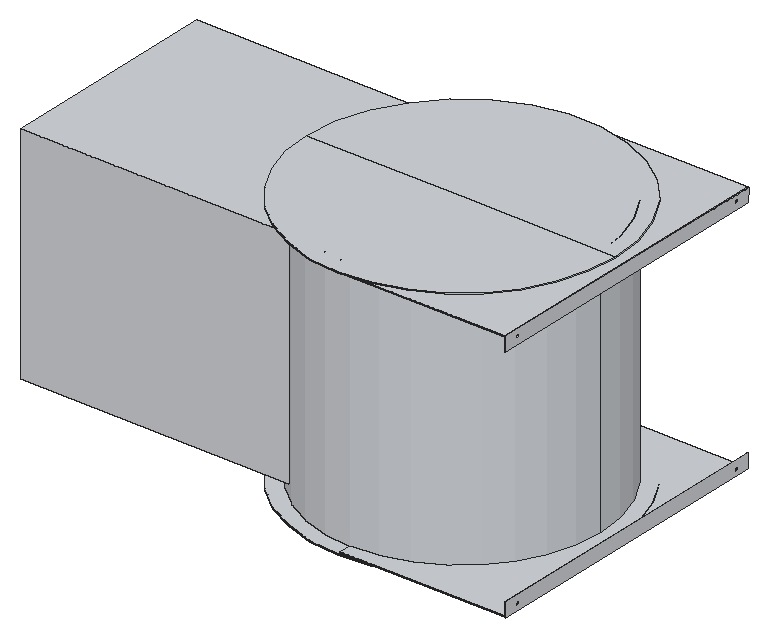
Revit family "AFB-H_Vertical_Wall_Mount", category Mechanical Equipment, Revit 2019
Family settings
  Round Connector Dimension = Use Radius
  Part Type = Normal
  Work Plane-Based = No
  Always vertical = Yes
  Cut with Voids When Loaded = No
  Shared = No
  Room Calculation Point = No
Parameters (values of type "36_AFB-H_VERT_WALL")
  Unit Weight [instance] = ""
  P/2 = P / 2  # 0' - 0 9/32"
  P = 0' - 0 9/16"  # constant formula
  N = 1' - 6 5/16"
  ModelID [instance] = ""
  M/2 = M / 2  # 1' - 8 5/16"
  M = 3' - 4 5/8"
  L = 0' - 0 15/16"
  K/2 = K / 2  # 1' - 4 1/16"
  K = 2' - 8 1/8"
  J-.125" = J - 0' 0 1/8"  # 1' - 10"
  J-(C/2) = J - (C / 2)  # 0' - 2 5/8"
  J = 1' - 10 1/8"
  H-(A/2) = H - (A / 2)  # 2' - 4 3/4"
  H+J = H + J  # 5' - 9 3/8"
  H = 3' - 11 1/4"
  Sones [instance] = ""
  Motor RPM [instance] = ""
  Motor Enclosure [instance] = ""
  LwA [instance] = ""
  G = 6' - 0"
  Fan RPM [instance] = ""
  F/2 = F / 2  # 0' - 0 7/32"
  F = 0' - 0 7/16"
  E/2 = E / 2  # 1' - 5"
  E-2" = -(E - 0' 2")  # -2' - 8"
  E = 2' - 10"
  C/2+J = C / 2 + J  # 3' - 5 5/8"
  C/2 = C / 2  # 1' - 7 1/2"
  C = 3' - 3"
  B/2 = B / 2  # 1' - 8 11/16"
  B = 3' - 5 3/8"
  Accessories [instance] = ""
  A/3 = A / 2.5  # 1' - 2.8"
  A/2 = A / 2  # 1' - 6 1/2"
  A = 3' - 1"
  60 = 60.00°  # constant formula
  30 = 30.00°  # constant formula
  3" = 0' - 3"  # constant formula
  Brake Hp [instance] = ""
  4" = 0' - 4"  # constant formula
  2L = 2 * L  # 0' - 1 7/8"
  2' = 2' - 0"
  2" = 0' - 2"  # constant formula
  1" = 0' - 1"  # constant formula
  0 = 0' - 0"  # constant formula
  Voltage [instance] = 0 V
  URL = "www.lorencook.com"
  Type Comments = "Tube Axial Fan Vertical Wall Mount High Temperature Construction Belt Drive Arrangement 9"  # constant formula
  Static Pressure [instance] = 0.00 in-wg
  Power [instance] = Voltage * Motor FLA * sqrt(if(Phase = 3, 3, 1))  # 0 VA
  Phase [instance] = 0
  Number of Poles [instance] = 1
  Motor Hp [instance] = "0"
  Motor FLA [instance] = 0 A
  Model = "AFB-H"  # constant formula
  Manufacturer = "Loren Cook Company"
  CFM [instance] = 0 CFM
  1.5 = 0' - 1 1/2"  # constant formula
  ONE EIGTH = 0' - 0 1/8"  # constant formula
  -E/2 = -E / 2  # -1' - 5"
  -(E-.25")/2 = -(E - 0' 0 1/4") / 2  # -1' - 4 7/8"
  (H-(A/2))/2 = (H - (A / 2)) / 2  # 1' - 2 3/8"
  (E-.25")/2 = (E - 0' 0 1/4") / 2  # 1' - 4 7/8"
  (A+.25")/2 = (A + 0' 0 1/4") / 2  # 1' - 6 5/8"
Types (10): name | N | M/2 | M | K/2 | K | J-.125" | J-(C/2) | J | H-(A/2) | H+J | H | F/2 | F | E/2 | E-2" | E | C/2+J | C/2 | C | B/2 | B | A/3 | A/2 | A | -E/2 | -(E-.25")/2 | (H-(A/2))/2 | (E-.25")/2 | (A+.25")/2
  (no name) | 1' - 6 5/16" | 1' - 8 5/16" | 3' - 4 5/8" | 1' - 4 1/16" | 2' - 8 1/8" | 1' - 10" | 0' - 2 5/8" | 1' - 10 1/8" | 2' - 4 3/4" | 5' - 9 3/8" | 3' - 11 1/4" | 0' - 0 7/32" | 0' - 0 7/16" | 1' - 5" | -2' - 8" | 2' - 10" | 3' - 5 5/8" | 1' - 7 1/2" | 3' - 3" | 1' - 8 11/16" | 3' - 5 3/8" | 1' - 2.8" | 1' - 6 1/2" | 3' - 1" | -1' - 5" | -1' - 4 7/8" | 1' - 2 3/8" | 1' - 4 7/8" | 1' - 6 5/8"
  12_AFB-H_VERT_WALL | 0' - 6" | 0' - 8" | 1' - 4" | 0' - 10 1/16" | 1' - 8 1/8" | 0' - 9 5/8" | 0' - 2 7/16" | 0' - 9 3/4" | 1' - 6 3/16" | 2' - 10 3/8" | 2' - 0 5/8" | 0' - 0 5/32" | 0' - 0 5/16" | 0' - 11" | -1' - 8" | 1' - 10" | 1' - 5 1/16" | 0' - 7 5/16" | 1' - 2 5/8" | 0' - 7 13/16" | 1' - 3 5/8" | 0' - 5.15" | 0' - 6 7/16" | 1' - 0 7/8" | -0' - 11" | -0' - 10 7/8" | 0' - 9 3/32" | 0' - 10 7/8" | 0' - 6 9/16"
  16_AFB-H_VERT_WALL | 0' - 8" | 0' - 10" | 1' - 8" | 0' - 11 9/16" | 1' - 11 1/8" | 0' - 11 5/8" | 0' - 2 7/16" | 0' - 11 3/4" | 1' - 9 11/16" | 3' - 5 7/8" | 2' - 6 1/8" | 0' - 0 5/32" | 0' - 0 5/16" | 1' - 0 1/2" | -1' - 11" | 2' - 1" | 1' - 9 1/16" | 0' - 9 5/16" | 1' - 6 5/8" | 0' - 9 13/16" | 1' - 7 5/8" | 0' - 6 3/4" | 0' - 8 7/16" | 1' - 4 7/8" | -1' - 0 1/2" | -1' - 0 3/8" | 0' - 10 27/32" | 1' - 0 3/8" | 0' - 8 9/16"
  24_AFB-H_VERT_WALL | 1' - 0 1/4" | 1' - 2 1/4" | 2' - 4 1/2" | 1' - 2 9/16" | 2' - 5 1/8" | 1' - 3 7/8" | 0' - 2 9/16" | 1' - 4" | 2' - 3 7/16" | 4' - 7 7/8" | 3' - 3 7/8" | 0' - 0 7/32" | 0' - 0 7/16" | 1' - 3 1/2" | -2' - 5" | 2' - 7" | 2' - 5 7/16" | 1' - 1 7/16" | 2' - 2 7/8" | 1' - 2 9/16" | 2' - 5 1/8" | 0' - 9.95" | 1' - 0 7/16" | 2' - 0 7/8" | -1' - 3 1/2" | -1' - 3 3/8" | 1' - 1 23/32" | 1' - 3 3/8" | 1' - 0 9/16"
  28_AFB-H_VERT_WALL | 1' - 2 1/4" | 1' - 4 1/4" | 2' - 8 1/2" | 1' - 2 9/16" | 2' - 5 1/8" | 1' - 5 7/8" | 0' - 2 9/16" | 1' - 6" | 2' - 3 7/16" | 4' - 11 7/8" | 3' - 5 7/8" | 0' - 0 7/32" | 0' - 0 7/16" | 1' - 3 1/2" | -2' - 5" | 2' - 7" | 2' - 9 7/16" | 1' - 3 7/16" | 2' - 6 7/8" | 1' - 4 9/16" | 2' - 9 1/8" | 0' - 11.55" | 1' - 2 7/16" | 2' - 4 7/8" | -1' - 3 1/2" | -1' - 3 3/8" | 1' - 1 23/32" | 1' - 3 3/8" | 1' - 2 9/16"
  32_AFB-H_VERT_WALL | 1' - 4 5/16" | 1' - 6 5/16" | 3' - 0 5/8" | 1' - 4 1/16" | 2' - 8 1/8" | 1' - 8" | 0' - 2 5/8" | 1' - 8 1/8" | 2' - 4 3/4" | 5' - 5 3/8" | 3' - 9 1/4" | 0' - 0 7/32" | 0' - 0 7/16" | 1' - 5" | -2' - 8" | 2' - 10" | 3' - 1 5/8" | 1' - 5 1/2" | 2' - 11" | 1' - 6 5/8" | 3' - 1 1/4" | 1' - 1.2" | 1' - 4 1/2" | 2' - 9" | -1' - 5" | -1' - 4 7/8" | 1' - 2 3/8" | 1' - 4 7/8" | 1' - 4 5/8"
  36_AFB-H_VERT_WALL | 1' - 6 5/16" | 1' - 8 5/16" | 3' - 4 5/8" | 1' - 4 1/16" | 2' - 8 1/8" | 1' - 10" | 0' - 2 5/8" | 1' - 10 1/8" | 2' - 4 3/4" | 5' - 9 3/8" | 3' - 11 1/4" | 0' - 0 7/32" | 0' - 0 7/16" | 1' - 5" | -2' - 8" | 2' - 10" | 3' - 5 5/8" | 1' - 7 1/2" | 3' - 3" | 1' - 8 11/16" | 3' - 5 3/8" | 1' - 2.8" | 1' - 6 1/2" | 3' - 1" | -1' - 5" | -1' - 4 7/8" | 1' - 2 3/8" | 1' - 4 7/8" | 1' - 6 5/8"
  18_AFB-H_VERT_WALL | 0' - 9" | 0' - 11" | 1' - 10" | 0' - 11 9/16" | 1' - 11 1/8" | 1' - 0 5/8" | 0' - 2 7/16" | 1' - 0 3/4" | 1' - 9 11/16" | 3' - 7 7/8" | 2' - 7 1/8" | 0' - 0 5/32" | 0' - 0 5/16" | 1' - 0 1/2" | -1' - 11" | 2' - 1" | 1' - 11 1/16" | 0' - 10 5/16" | 1' - 8 5/8" | 0' - 10 13/16" | 1' - 9 5/8" | 0' - 7.55" | 0' - 9 7/16" | 1' - 6 7/8" | -1' - 0 1/2" | -1' - 0 3/8" | 0' - 10 27/32" | 1' - 0 3/8" | 0' - 9 9/16"
  14_AFB-H_VERT_WALL | 0' - 7" | 0' - 9" | 1' - 6" | 0' - 10 1/16" | 1' - 8 1/8" | 0' - 10 5/8" | 0' - 2 7/16" | 0' - 10 3/4" | 1' - 6 3/16" | 3' - 0 3/8" | 2' - 1 5/8" | 0' - 0 5/32" | 0' - 0 5/16" | 0' - 11" | -1' - 8" | 1' - 10" | 1' - 7 1/16" | 0' - 8 5/16" | 1' - 4 5/8" | 0' - 8 13/16" | 1' - 5 5/8" | 0' - 5.95" | 0' - 7 7/16" | 1' - 2 7/8" | -0' - 11" | -0' - 10 7/8" | 0' - 9 3/32" | 0' - 10 7/8" | 0' - 7 9/16"
  20_AFB-H_VERT_WALL | 0' - 10 1/2" | 1' - 0 1/4" | 2' - 0 1/2" | 1' - 2 9/16" | 2' - 5 1/8" | 1' - 1 7/8" | 0' - 2 13/16" | 1' - 2" | 1' - 9 11/16" | 3' - 10 1/8" | 2' - 8 1/8" | 0' - 0 5/32" | 0' - 0 5/16" | 1' - 3 1/2" | -2' - 5" | 2' - 7" | 2' - 1 3/16" | 0' - 11 3/16" | 1' - 10 3/8" | 0' - 11 13/16" | 1' - 11 5/8" | 0' - 8.35" | 0' - 10 7/16" | 1' - 8 7/8" | -1' - 3 1/2" | -1' - 3 3/8" | 0' - 10 27/32" | 1' - 3 3/8" | 0' - 10 9/16"
Reference planes (in)
  plane 1 "Center (Front/Back)": y = 0
  plane 2: z = 0
  plane 3 "Center (Left/Right)": x = 0.40541
Forms (in)
  Revolve 1, solid
    sketch origin (0, 0, 0) x (1, 0, 0) y (0, 0, 1)
      loop
        line (0.40541, -17) -> (21.09291, -17) -> (21.09291, -16.875) -> (19.03041, -16.875) -> (19.03041, 16.875) -> (21.09291, 16.875) -> (21.09291, 17) -> (0.40541, 17) -> (0.40541, -17)
      axis (0.40541, 17) -> (0.40541, -17)
    angle from 0 to 360
  Extrusion 2, solid
    sketch origin (0.40541, 0, 17) x (1, 0, 0) y (0, 1, 0)
      loop
        line (-11.30711, 14.8) -> (-47.25, 14.8) -> (-47.25, -14.8) -> (-11.30711, -14.8)
        arc (-11.30711, -14.8) -> (-18.625, 0) -> (-11.30711, 14.8) r 18.625
    from -32 <- "E-2"" to -2
  Extrusion 3, solid
    sketch origin (0.40541, 0, 0) x (0, 1, 0) y (0, 0, 1)
      loop
        line (-20.3125, 16.875) -> (-20.3125, 15) -> (20.3125, 15) -> (20.3125, 16.875) -> (-20.3125, 16.875)
      loop
        line (20.3125, -15) -> (-20.3125, -15) -> (-20.3125, -16.875) -> (20.3125, -16.875) -> (20.3125, -15)
      loop
        circle (-18.3125, 16.0625) r 0.28125
      loop
        circle (18.3125, 16.0625) r 0.28125
      loop
        circle (18.3125, -16.0625) r 0.28125
      loop
        circle (-18.3125, -16.0625) r 0.28125
    from 22.125 <- "J" to 22 <- "J-.125""
  Extrusion 4, solid
    sketch origin (0.40541, -20.3125, 16.875) x (0, 1, 0) y (-1, 0, 0)
      loop
        line (0, -22) -> (40.625, -22) -> (40.625, 0) -> (38.9375, 0)
        arc (38.9375, 0) -> (20.3125, -18.625) -> (1.6875, 0) r 18.625
        line (1.6875, 0) -> (0, 0) -> (0, -22)
    from 0 to -0.125
  Extrusion 5, solid
    sketch origin (0.40541, -20.3125, -16.875) x (1, 0, 0) y (0, -1, 0)
      loop
        line (0, -38.9375) -> (0, -40.625) -> (22, -40.625) -> (22, 0) -> (0, 0) -> (0, -1.6875)
        arc (0, -1.6875) -> (18.625, -20.3125) -> (0, -38.9375) r 18.625
    from 0 to -0.125
Dimensions and locks (in)
  "0": Revolve 1 sketch curve to plane 3 "Center (Left/Right)"  (x2)
  "E/2": Revolve 1 sketch curve to level
  "ONE EIGTH": Revolve 1 sketch curve to Revolve 1 sketch curve  (x2)
  "(A+.25")/2": Revolve 1 sketch curve to Revolve 1 sketch curve
  "B/2": Revolve 1 sketch curve to Revolve 1 sketch curve
  "E": Revolve 1 sketch curve to Revolve 1 sketch curve
  "B/2": Revolve 1 sketch curve to plane 3 "Center (Left/Right)"
  "A/3": plane 1 "Center (Front/Back)" to Extrusion 2 sketch curve
  "A/3": Extrusion 2 sketch curve to plane 1 "Center (Front/Back)"
  "H": Extrusion 2 sketch curve to plane 3 "Center (Left/Right)"
  "0": Extrusion 2 sketch curve to plane 3 "Center (Left/Right)"
  "0": Extrusion 2 sketch curve to plane 1 "Center (Front/Back)"
  "0": Revolve 1 to Extrusion 3 sketch curve  (x2)
  "M/2": Extrusion 3 sketch curve to plane 1 "Center (Front/Back)"
  "M/2": plane 1 "Center (Front/Back)" to Extrusion 3 sketch curve
  "0": Extrusion 3 sketch curve to Extrusion 3 sketch curve  (x2)
  "2L": Revolve 1 to Extrusion 3 sketch curve
  "2L": Extrusion 3 sketch curve to Revolve 1
  "N": Extrusion 3 sketch curve to plane 1 "Center (Front/Back)"  (x4)
  "K/2": Extrusion 3 sketch curve to level  (x4)
  "0": Extrusion 4 sketch curve to plane 3 "Center (Left/Right)"  (x3)
  "0": Extrusion 4 sketch curve to plane 1 "Center (Front/Back)"
  "0": Extrusion 4 sketch curve to Extrusion 3  (x2)
  "0": Extrusion 3 to Extrusion 4 sketch curve
  "0": Extrusion 5 sketch curve to plane 3 "Center (Left/Right)"  (x3)
  "0": Extrusion 5 sketch curve to Extrusion 4  (x3)
  "0": Extrusion 5 sketch curve to plane 1 "Center (Front/Back)"
  "(A+.25")/2": radius of Extrusion 2 sketch curve
  "P/2": radius of Extrusion 3 sketch curve  (x4)
  "(A+.25")/2": radius of Extrusion 4 sketch curve
  "(A+.25")/2": radius of Extrusion 5 sketch curve
Automatic sketch dimensions
  Revolve 1 sketch curve to level = 0' - 0"
  Revolve 1 sketch curve to Revolve 1 sketch curve = 0' - 2"
  Extrusion 2 sketch curve to Extrusion 2 sketch curve = 0' - 0"
Connectors (in)
  hvac at (0.40541, 0, -16.875), driven by "A/2"
    settings: on Revolve 1, index 1, duct flow 0 CFM, flow factor 0, pres drop 0.00 in-wg, loss coef 0, conn angle 0.00°, conn width 12", conn height 12", conn diameter 37", duct sys type 29, conn prof type 0, flow config 0, flow direction 2, loss method 0, conn ref index -1, conn util no, is conn primary yes, conn desc ""
  hvac at (0.40541, 0, 17), driven by "A/2"
    settings: on Revolve 1, index 2, duct flow 0 CFM, flow factor 0, pres drop 0.00 in-wg, loss coef 0, conn angle 0.00°, conn width 12", conn height 12", conn diameter 37", duct sys type 29, conn prof type 0, flow config 0, flow direction 1, loss method 0, conn ref index -1, conn util no, is conn primary no, conn desc ""
  electrical at (-28.87314, -14.8, 0)
    settings: on Extrusion 2, index 3, voltage 0 V, apparent load 0 VA, apparent load phase1 0 VA, apparent load phase2 0 VA, apparent load phase3 0 VA, power factor 1, load classification "Other", number of poles 1, system type 30, power factor state 1, is connector primary yes, connector utility no, sub classification motor no, connector description ""
